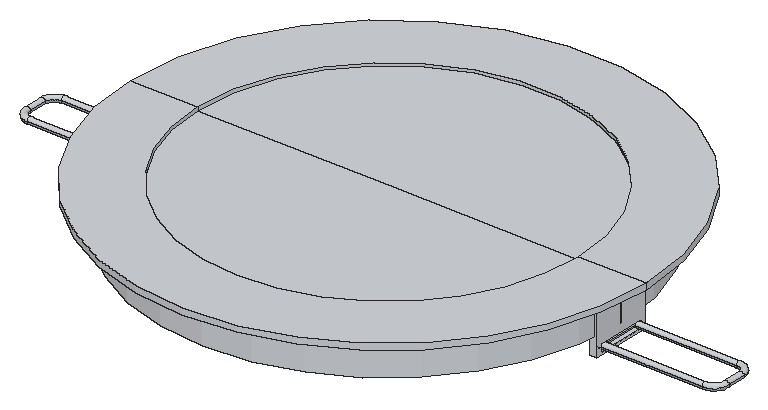
Revit family "0053989", category Lighting Fixtures, host Face, Revit 2017
Family settings
  Host = Face
  Round Connector Dimension = Use Diameter
  Part Type = Normal
  OmniClass Number = 23.80.70.00
  OmniClass Title = Lighting
  Cut with Voids When Loaded = No
  Light Source = Yes
  Shared = No
  Room Calculation Point = No
Parameters (values of type "0053989 SYLFLAT 105 IP44 600LM 840 DIM")
  Weight = "3.555 kg"
  Wattage Comments = ""
  Wattage = 7 W
  WarrantyStartDate [instance] = "n/a"
  WarrantyGuarantorParts = "n/a"
  WarrantyDurationUnit = "n/a"
  WarrantyDurationParts = "n/a"
  WarrantyDescription = "n/a"
  built-in parameter 1150110 = 1 (stored number, unit not read)
  Voltage = 0 V
  URL = "http://www.sylvania-lighting.com"
  TypeName = "Sylflat 105 IP44 600lm 840 DIM"
  Type Image = <None>
  Type Comments = "n/a"
  built-in parameter 1114217 = 1 (stored number, unit not read)
  Tilt Angle = -90.00°
  built-in parameter 1150109 = 1 (stored number, unit not read)
  built-in parameter 1150134 = 12
  built-in parameter 1150113 = 1 (stored number, unit not read)
  SerialNumber [instance] = "n/a"
  SIZE_203_SYL = 0
  SIZE_155_SYL = 1
  R_DIFF_SYL = if(SIZE_155_SYL = 1, 63.5 mm, if(SIZE_203_SYL = 1, 86.5 mm, 40 mm))  # 63.5 mm
  R2_SYL = if(SIZE_155_SYL = 1, 77.5 mm, if(SIZE_203_SYL = 1, 101.5 mm, 52.5 mm))  # 77.5 mm
  R1_SYL = if(SIZE_155_SYL = 1, 86 mm, if(SIZE_203_SYL = 1, 113 mm, 60 mm))  # 86 mm
  Photometric Web File = "0053989.ies"
  LUM_HEIGHT_SYL = 15 mm - CHAMF_SYL  # 14 mm
  CLIP_SYL = 10 mm
  CLIP_HOLE_SYL = 2.5 mm
  CLIP_HOLE_HE_SYL = 8.5 mm
  CLIP_D_SYL = R2_SYL - 2.5 mm  # 75 mm
  CLIP_DIST_SYL = R2_SYL - 2.5 mm  # 75 mm
  CLIP_CUTOUT_SYL = 19 mm
  CHAMF_SYL = 1 mm
  Material_3_SYL = none
  PowerFactor = 0
  PowerConsumption = "7 W"
  NominalLength = 0 mm
  NominalHeight = 0 mm
  NominalDepth = 0 mm
  Name = "Sylflat 105 IP44 600lm 840 DIM"
  ModelReference = Name  # "Sylflat 105 IP44 600lm 840 DIM"
  ModelNumber = "0053989"
  Model = Name  # "Sylflat 105 IP44 600lm 840 DIM"
  Material = "n/a"
  ManufacturerName = "Feilo Sylvania"
  Manufacturer = "Feilo Sylvania"
  LuminousEfficacy = "85.71 lm/W"
  built-in parameter 1150105 = 47.746 (stored number, unit not read)
  Lumens = 600 lm
  LuminaireType = ""
  built-in parameter 1150115 = 1 (stored number, unit not read)
  LightOutputRatio = "n/a"
  built-in parameter 1150137 = (empty or 0)
  built-in parameter 1150139 = (empty or 0)
  LampsType = Lamp  # "LED"
  LampNominalLuminous = "600 lm"
  LampMacAdamStep = "3"
  LampColourTemperature = "4000 K"
  LampColourRenderingIndex = "80"
  built-in parameter 1150112 = 1 (stored number, unit not read)
  built-in parameter 1150114 = 1 (stored number, unit not read)
  Lamp = "LED"
  Keynote = "16500"
  InstallationDate [instance] = "n/a"
  InputVoltage = "n/a"
  InputNominalFrequency = "n/a"
  built-in parameter 1150132 = (empty or 0)
  built-in parameter 1150102 = (empty or 0)
  built-in parameter 1150107 = 4000 (stored number, unit not read)
  built-in parameter 1150138 = (empty or 0)
  IngressProtection = "IP44/20"
  ImpactProtectionIndex = "IK06"
  built-in parameter 1150106 = 0.47746 (stored number, unit not read)
  IfcExportType = "IfcLightFixtureType"
  IfcExportAs = "IfcLightFixtureType"
  Emit from Circle Diameter = 609.6 mm
  Emit Shape Visible in Rendering = no
  ElectricShockClassification = "Class II"
  built-in parameter 1150104 = 7.9631 (stored number, unit not read)
  DocumentationLiterature = "http://www.sylvania-lighting.com/product/en-int/products/0053989"
  DimmingControlOptions = "n/a"
  Material_2_SYL = none
  Dimming Lamp Color Temperature Shift = <None>
  Description = "Sylflat DIM is an integrated LED recessed downlight with separated phase dimmable driver; 7W; 600Lm; 86Lm/W; 4000K; IP44 rated from the front; 50,000hrs (L70B50)."
  Default Elevation = 1219.2 mm
  CreatedOn = "8/6/2020"
  CreatedBy = "@sylvania-lighting.com"
  Cost = 0
  Color Filter = 16777215
  built-in parameter 1114216 [instance] = (empty or 0)
  ClassificationValue = "EF_70_80"
  ClassificationName = "Uniclass2015"
  Material_1_SYL = none
  CHAMF_2_SYL = 1 mm
  BarCode [instance] = "n/a"
  built-in parameter 1114218 = 1 (stored number, unit not read)
  built-in parameter 1150133 = 10 (stored number, unit not read)
  AssetType = "Fixed"
  AssetIdentifier [instance] = "n/a"
  Assembly Code = "D5020200"
  Apparent Load = 7 VA
  Material_4_SYL = none
Types (17, lengths in mm): name | Weight | Wattage | TypeName | built-in parameter 1150134 | SIZE_203_SYL | SIZE_155_SYL | R_DIFF_SYL | R2_SYL | R1_SYL | Photometric Web File | CLIP_D_SYL | CLIP_DIST_SYL | PowerFactor | PowerConsumption | NominalLength | NominalHeight | NominalDepth | Name | ModelReference | ModelNumber | Model | Material | LuminousEfficacy | built-in parameter 1150105 | Lumens | LampNominalLuminous | LampMacAdamStep | LampColourTemperature | built-in parameter 1150107 | built-in parameter 1150106 | built-in parameter 1150104 | DocumentationLiterature | Description | Apparent Load
  0053988 SYLFLAT 105 IP44 550LM 830 DIM | "3.555 kg" | 7 W | "Sylflat 105 IP44 550lm 830 DIM" | (empty or 0) | 0 | 1 | 63.5 | 77.5 | 86 | "0053988.ies" | 75 | 75 | 0 | "7 W" | 0 | 0 | 0 | "Sylflat 105 IP44 550lm 830 DIM" | "Sylflat 105 IP44 550lm 830 DIM" | "53988" | "Sylflat 105 IP44 550lm 830 DIM" | "n/a" | "78.57 lm/W" | 43.768 (stored number, unit not read) | 550 lm | "550 lm" | "3" | "3000 K" | 3000 (stored number, unit not read) | 0.43768 (stored number, unit not read) | 7.2995 (stored number, unit not read) | "http://www.sylvania-lighting.com/product/en-int/products/0053988" | "Sylflat DIM is an integrated LED recessed downlight with separated phase dimmable driver; 7W; 550Lm; 79Lm/W; 3000K; IP44 rated from the front; 50,000hrs (L70B50)." | 7 VA
  0053957 SYLFLAT 205 IP44 2250LM 840 DIM | "4.57 kg" | 24 W | "Sylflat 205 IP44 2250lm 840 DIM" | 12 | 1 | 0 | 86.5 | 101.5 | 113 | "0053957.ies" | 99 | 99 | 0.9 | "24 W" | 226 | 21 | 226 | "Sylflat 205 IP44 2250lm 840 DIM" | "Sylflat 205 IP44 2250lm 840 DIM" | "53957" | "Sylflat 205 IP44 2250lm 840 DIM" | "n/a" | "103 lm/W" | 196.72 (stored number, unit not read) | 2472 lm | "2250 lm" | "3" | "4000 K" | 4000 (stored number, unit not read) | 1.9672 (stored number, unit not read) | 9.569 (stored number, unit not read) | "http://www.sylvania-lighting.com/product/en-int/products/0053957" | "Sylflat DIM is an integrated LED recessed downlight with separated phase dimmable driver; 24W; 2250Lm; 103Lm/W; 4000K; IP44 rated from the front; 50,000hrs (L70B50)." | 24 VA
  0053956 SYLFLAT 205 IP44 2200LM 830 DIM | "4.57 kg" | 24 W | "Sylflat 205 IP44 2200lm 830 DIM" | (empty or 0) | 1 | 0 | 86.5 | 101.5 | 113 | "0053956.ies" | 99 | 99 | 0.9 | "24 W" | 226 | 21 | 226 | "Sylflat 205 IP44 2200lm 830 DIM" | "Sylflat 205 IP44 2200lm 830 DIM" | "53956" | "Sylflat 205 IP44 2200lm 830 DIM" | "n/a" | "100 lm/W" | 190.99 (stored number, unit not read) | 2400 lm | "2200 lm" | "3" | "3000 K" | 3000 (stored number, unit not read) | 1.9099 (stored number, unit not read) | 9.2903 (stored number, unit not read) | "http://www.sylvania-lighting.com/product/en-int/products/0053956" | "Sylflat DIM is an integrated LED recessed downlight with separated phase dimmable driver; 24W; 2200Lm; 100Lm/W; 3000K; IP44 rated from the front; 50,000hrs (L70B50)." | 24 VA
  0053955 SYLFLAT 205 IP44 1750LM 840 DIM | "4.57 kg" | 17 W | "Sylflat 205 IP44 1750lm 840 DIM" | 12 | 1 | 0 | 86.5 | 101.5 | 113 | "0053955.ies" | 99 | 99 | 0.9 | "17 W" | 226 | 21 | 226 | "Sylflat 205 IP44 1750lm 840 DIM" | "Sylflat 205 IP44 1750lm 840 DIM" | "53955" | "Sylflat 205 IP44 1750lm 840 DIM" | "aluminium housing, other diffuser" | "103 lm/W" | 139.34 (stored number, unit not read) | 1751 lm | "1750 lm" | "3" | "4000 K" | 4000 (stored number, unit not read) | 1.3934 (stored number, unit not read) | 9.569 (stored number, unit not read) | "http://www.sylvania-lighting.com/product/en-int/products/0053955" | "Sylflat DIM is an integrated LED recessed downlight with separated phase dimmable driver; 17W; 1750Lm; 103Lm/W; 4000K; IP44 rated from the front; 50,000hrs (L70B50)." | 17 VA
  0053954 SYLFLAT 205 IP44 1550LM 830 DIM | "4.57 kg" | 17 W | "Sylflat 205 IP44 1550lm 830 DIM" | (empty or 0) | 1 | 0 | 86.5 | 101.5 | 113 | "0053954.ies" | 99 | 99 | 0.9 | "17 W" | 226 | 21 | 226 | "Sylflat 205 IP44 1550lm 830 DIM" | "Sylflat 205 IP44 1550lm 830 DIM" | "53954" | "Sylflat 205 IP44 1550lm 830 DIM" | "aluminium housing, other diffuser" | "91 lm/W" | 123.11 (stored number, unit not read) | 1547 lm | "1550 lm" | "3" | "3000 K" | 3000 (stored number, unit not read) | 1.2311 (stored number, unit not read) | 8.4542 (stored number, unit not read) | "http://www.sylvania-lighting.com/product/en-int/products/0053954" | "Sylflat DIM is an integrated LED recessed downlight with separated phase dimmable driver; 17W; 1550Lm; 91Lm/W; 3000K; IP44 rated from the front; 50,000hrs (L70B50)." | 17 VA
  0053953 SYLFLAT 155 IP44 1100LM 840 DIM | "3.27 kg" | 12 W | "Sylflat 155 IP44 1100lm 840 DIM" | 12 | 0 | 1 | 63.5 | 77.5 | 86 | "0053953.ies" | 75 | 75 | 0.9 | "12 W" | 172 | 21 | 172 | "Sylflat 155 IP44 1100lm 840 DIM" | "Sylflat 155 IP44 1100lm 840 DIM" | "53953" | "Sylflat 155 IP44 1100lm 840 DIM" | "aluminium housing, other diffuser" | "92 lm/W" | 87.854 (stored number, unit not read) | 1104 lm | "1100 lm" | "3" | "4000 K" | 4000 (stored number, unit not read) | 0.87854 (stored number, unit not read) | 8.5471 (stored number, unit not read) | "http://www.sylvania-lighting.com/product/en-int/products/0053953" | "Sylflat DIM is an integrated LED recessed downlight with separated phase dimmable driver; 12W; 1100Lm; 92Lm/W; 4000K; IP44 rated from the front; 50,000hrs (L70B50)." | 12 VA
  0053952 SYLFLAT 155 IP44 1000LM 830 DIM | "3.27 kg" | 12 W | "Sylflat 155 IP44 1000lm 830 DIM" | (empty or 0) | 0 | 1 | 63.5 | 77.5 | 86 | "0053952.ies" | 75 | 75 | 0.9 | "12 W" | 172 | 21 | 172 | "Sylflat 155 IP44 1000lm 830 DIM" | "Sylflat 155 IP44 1000lm 830 DIM" | "53952" | "Sylflat 155 IP44 1000lm 830 DIM" | "aluminium housing, other diffuser" | "83 lm/W" | 79.259 (stored number, unit not read) | 996 lm | "1000 lm" | "3" | "3000 K" | 3000 (stored number, unit not read) | 0.79259 (stored number, unit not read) | 7.711 (stored number, unit not read) | "http://www.sylvania-lighting.com/product/en-int/products/0053952" | "Sylflat DIM is an integrated LED recessed downlight with separated phase dimmable driver; 12W; 1000Lm; 83Lm/W; 3000K; IP44 rated from the front; 50,000hrs (L70B50)." | 12 VA
  0053951 ST E DOWNLIGHT FLT 205 IP44 2200 865 DIM | "4.57 kg" | 24 W | "START eco Downlight Flat 205 IP44 2200lm 865 DIM" | 1 | 1 | 0 | 86.5 | 101.5 | 113 | "0053951.ies" | 99 | 99 | 0.9 | "24 W" | 226 | 21 | 226 | "START eco Downlight Flat 205 IP44 2200lm 865 DIM" | "START eco Downlight Flat 205 IP44 2200lm 865 DIM" | "53951" | "START eco Downlight Flat 205 IP44 2200lm 865 DIM" | "n/a" | "92 lm/W" | 175.71 (stored number, unit not read) | 2208 lm | "2200 lm" | "5" | "6500 K" | 6500 (stored number, unit not read) | 1.7571 (stored number, unit not read) | 8.5471 (stored number, unit not read) | "http://www.sylvania-lighting.com/product/en-int/products/0053951" | "START eco Downlight Flat IP44 DIM is an integrated LED recessed downlight with separated phase dimmable driver; 24W; 2200Lm; 92Lm/W; 6500K; IP44 rated from the front; 30,000hrs (L70B50)." | 24 VA
  0053950 ST E DOWNLIGHT FLT 205 IP44 1700 865 DIM | "4.57 kg" | 17 W | "START eco Downlight Flat 205 IP44 1700lm 865 DIM" | 1 | 1 | 0 | 86.5 | 101.5 | 113 | "0053950.ies" | 99 | 99 | 0.9 | "17 W" | 226 | 21 | 226 | "START eco Downlight Flat 205 IP44 1700lm 865 DIM" | "START eco Downlight Flat 205 IP44 1700lm 865 DIM" | "53950" | "START eco Downlight Flat 205 IP44 1700lm 865 DIM" | "aluminium housing, other diffuser" | "100 lm/W" | 135.28 (stored number, unit not read) | 1700 lm | "1700 lm" | "5" | "6500 K" | 6500 (stored number, unit not read) | 1.3528 (stored number, unit not read) | 9.2903 (stored number, unit not read) | "http://www.sylvania-lighting.com/product/en-int/products/0053950" | "START eco Downlight Flat IP44 DIM is an integrated LED recessed downlight with separated phase dimmable driver; 17W; 1700Lm; 100Lm/W; 6500K; IP44 rated from the front; 30,000hrs (L70B50)." | 17 VA
  0053949 ST E DOWNLIGHT FLT 155 IP44 1100 865 DIM | "3.27 kg" | 12 W | "START eco Downlight Flat 155 IP44 1100lm 865 DIM" | 1 | 0 | 1 | 63.5 | 77.5 | 86 | "0053949.ies" | 75 | 75 | 0.9 | "12 W" | 172 | 21 | 172 | "START eco Downlight Flat 155 IP44 1100lm 865 DIM" | "START eco Downlight Flat 155 IP44 1100lm 865 DIM" | "53949" | "START eco Downlight Flat 155 IP44 1100lm 865 DIM" | "aluminium housing, other diffuser" | "92 lm/W" | 87.854 (stored number, unit not read) | 1104 lm | "1100 lm" | "5" | "6500 K" | 6500 (stored number, unit not read) | 0.87854 (stored number, unit not read) | 8.5471 (stored number, unit not read) | "http://www.sylvania-lighting.com/product/en-int/products/0053949" | "START eco Downlight Flat IP44 DIM is an integrated LED recessed downlight with separated phase dimmable driver; 12W; 1100Lm; 92Lm/W; 6500K; IP44 rated from the front; 30,000hrs (L70B50)." | 12 VA
  0053944 ST E DOWNLIGHT FLT 205 IP44 2250 840 DIM | "4.57 kg" | 24 W | "START eco Downlight Flat 205 IP44 2250lm 840 DIM" | 12 | 1 | 0 | 86.5 | 101.5 | 113 | "0053944.ies" | 99 | 99 | 0.9 | "24 W" | 226 | 21 | 226 | "START eco Downlight Flat 205 IP44 2250lm 840 DIM" | "START eco Downlight Flat 205 IP44 2250lm 840 DIM" | "53944" | "START eco Downlight Flat 205 IP44 2250lm 840 DIM" | "n/a" | "94 lm/W" | 179.53 (stored number, unit not read) | 2256 lm | "2250 lm" | "5" | "4000 K" | 4000 (stored number, unit not read) | 1.7953 (stored number, unit not read) | 8.7329 (stored number, unit not read) | "http://www.sylvania-lighting.com/product/en-int/products/0053944" | "START eco Downlight Flat IP44 DIM is an integrated LED recessed downlight with separated phase dimmable driver; 24W; 2250Lm; 94Lm/W; 4000K; IP44 rated from the front; 30,000hrs (L70B50)." | 24 VA
  0053942 ST E DOWNLIGHT FLT 205 IP44 1750 840 DIM | "4.57 kg" | 17 W | "START eco Downlight Flat 205 IP44 1750lm 840 DIM" | 12 | 1 | 0 | 86.5 | 101.5 | 113 | "0053942.ies" | 99 | 99 | 0.9 | "17 W" | 226 | 21 | 226 | "START eco Downlight Flat 205 IP44 1750lm 840 DIM" | "START eco Downlight Flat 205 IP44 1750lm 840 DIM" | "53942" | "START eco Downlight Flat 205 IP44 1750lm 840 DIM" | "aluminium housing, other diffuser" | "103 lm/W" | 139.34 (stored number, unit not read) | 1751 lm | "1750 lm" | "5" | "4000 K" | 4000 (stored number, unit not read) | 1.3934 (stored number, unit not read) | 9.569 (stored number, unit not read) | "http://www.sylvania-lighting.com/product/en-int/products/0053942" | "START eco Downlight Flat IP44 DIM is an integrated LED recessed downlight with separated phase dimmable driver; 17W; 1750Lm; 103Lm/W; 4000K; IP44 rated from the front; 30,000hrs (L70B50)." | 17 VA
  0053941 ST E DOWNLIGHT FLT 155 IP44 1100 840 DIM | "3.27 kg" | 12 W | "START eco Downlight Flat 155 IP44 1100lm 840 DIM" | 12 | 0 | 1 | 63.5 | 77.5 | 86 | "0053941.ies" | 75 | 75 | 0.9 | "12 W" | 172 | 21 | 172 | "START eco Downlight Flat 155 IP44 1100lm 840 DIM" | "START eco Downlight Flat 155 IP44 1100lm 840 DIM" | "53941" | "START eco Downlight Flat 155 IP44 1100lm 840 DIM" | "aluminium housing, other diffuser" | "92 lm/W" | 87.854 (stored number, unit not read) | 1104 lm | "1100 lm" | "5" | "4000 K" | 4000 (stored number, unit not read) | 0.87854 (stored number, unit not read) | 8.5471 (stored number, unit not read) | "http://www.sylvania-lighting.com/product/en-int/products/0053941" | "START eco Downlight Flat IP44 DIM is an integrated LED recessed downlight with separated phase dimmable driver; 12W; 1100Lm; 92Lm/W; 4000K; IP44 rated from the front; 30,000hrs (L70B50)." | 12 VA
  0053940 ST E DOWNLIGHT FLT 205 IP44 2200 830 DIM | "4.57 kg" | 24 W | "START eco Downlight Flat 205 IP44 2200lm 830 DIM" | (empty or 0) | 1 | 0 | 86.5 | 101.5 | 113 | "0053940.ies" | 99 | 99 | 0.9 | "24 W" | 226 | 21 | 226 | "START eco Downlight Flat 205 IP44 2200lm 830 DIM" | "START eco Downlight Flat 205 IP44 2200lm 830 DIM" | "53940" | "START eco Downlight Flat 205 IP44 2200lm 830 DIM" | "n/a" | "92 lm/W" | 175.71 (stored number, unit not read) | 2208 lm | "2200 lm" | "5" | "3000 K" | 3000 (stored number, unit not read) | 1.7571 (stored number, unit not read) | 8.5471 (stored number, unit not read) | "http://www.sylvania-lighting.com/product/en-int/products/0053940" | "START eco Downlight Flat IP44 DIM is an integrated LED recessed downlight with separated phase dimmable driver; 24W; 2200Lm; 92Lm/W; 3000K; IP44 rated from the front; 30,000hrs (L70B50)." | 24 VA
  0053938 ST E DOWNLIGHT FLT 205 IP44 1550 830 DIM | "4.57 kg" | 17 W | "START eco Downlight Flat 205 IP44 1550lm 830 DIM" | (empty or 0) | 1 | 0 | 86.5 | 101.5 | 113 | "0053938.ies" | 99 | 99 | 0.9 | "17 W" | 226 | 21 | 226 | "START eco Downlight Flat 205 IP44 1550lm 830 DIM" | "START eco Downlight Flat 205 IP44 1550lm 830 DIM" | "53938" | "START eco Downlight Flat 205 IP44 1550lm 830 DIM" | "aluminium housing, other diffuser" | "91 lm/W" | 123.11 (stored number, unit not read) | 1547 lm | "1550 lm" | "5" | "3000 K" | 3000 (stored number, unit not read) | 1.2311 (stored number, unit not read) | 8.4542 (stored number, unit not read) | "http://www.sylvania-lighting.com/product/en-int/products/0053938" | "START eco Downlight Flat IP44 DIM is an integrated LED recessed downlight with separated phase dimmable driver; 17W; 1550Lm; 91Lm/W; 3000K; IP44 rated from the front; 30,000hrs (L70B50)." | 17 VA
  0053937 ST E DOWNLIGHT FLT 155 IP44 1000 830 DIM | "3.27 kg" | 12 W | "START eco Downlight Flat 155 IP44 1000lm 830 DIM" | (empty or 0) | 0 | 1 | 63.5 | 77.5 | 86 | "0053937.ies" | 75 | 75 | 0.9 | "12 W" | 172 | 21 | 172 | "START eco Downlight Flat 155 IP44 1000lm 830 DIM" | "START eco Downlight Flat 155 IP44 1000lm 830 DIM" | "53937" | "START eco Downlight Flat 155 IP44 1000lm 830 DIM" | "aluminium housing, other diffuser" | "83 lm/W" | 79.259 (stored number, unit not read) | 996 lm | "1000 lm" | "5" | "3000 K" | 3000 (stored number, unit not read) | 0.79259 (stored number, unit not read) | 7.711 (stored number, unit not read) | "http://www.sylvania-lighting.com/product/en-int/products/0053937" | "START eco Downlight Flat IP44 DIM is an integrated LED recessed downlight with separated phase dimmable driver; 12W; 1000Lm; 83Lm/W; 3000K; IP44 rated from the front; 30,000hrs (L70B50)." | 12 VA
  0053989 SYLFLAT 105 IP44 600LM 840 DIM | "3.555 kg" | 7 W | "Sylflat 105 IP44 600lm 840 DIM" | 12 | 0 | 1 | 63.5 | 77.5 | 86 | "0053989.ies" | 75 | 75 | 0 | "7 W" | 0 | 0 | 0 | "Sylflat 105 IP44 600lm 840 DIM" | "Sylflat 105 IP44 600lm 840 DIM" | "0053989" | "Sylflat 105 IP44 600lm 840 DIM" | "n/a" | "85.71 lm/W" | 47.746 (stored number, unit not read) | 600 lm | "600 lm" | "3" | "4000 K" | 4000 (stored number, unit not read) | 0.47746 (stored number, unit not read) | 7.9631 (stored number, unit not read) | "http://www.sylvania-lighting.com/product/en-int/products/0053989" | "Sylflat DIM is an integrated LED recessed downlight with separated phase dimmable driver; 7W; 600Lm; 86Lm/W; 4000K; IP44 rated from the front; 50,000hrs (L70B50)." | 7 VA
Reference planes
  plane 1 "Center (Front/Back)": y = 0
  plane 2: z = 0
  plane 3 "Center (Left/Right)": x = 0
  plane 4: z = 1
  plane 5: z = -1
  plane 6: z = -14
  plane 7: x = 86
  plane 8: x = 63.5
  plane 9: x = 77.5
  plane 10: x = 0
  plane 11: x = -96
  plane 12: x = -77.5
  plane 13: y = 10
  plane 14: y = -10
  plane 15: x = 75
  plane 16: z = -19
  plane 17: z = -16.5
  plane 18: y = -8.5
  plane 19: y = 8.5
  plane 20: x = -75
Forms (mm)
  Revolve 1, solid
    sketch origin (0, 0, 0) x (1, 0, 0) y (0, 0, 1)
      loop
        line (0, 0) -> (0, -14) -> (77.5, -14) -> (77.5, -1) -> (86, -1) -> (86, 1) -> (63.5, 1) -> (63.5, 0) -> (0, 0)
      axis (0, 1) -> (0, -14)
    angle from 360 to 0
  Extrusion 2, solid
    sketch origin (0, 0, 0) x (1, 0, 0) y (0, 1, 0)
      loop
        line (75, 10) -> (75, -10) -> (77.5, -10) -> (77.5, 10) -> (75, 10)
      loop
        line (-75, 10) -> (-77.5, 10) -> (-77.5, -10) -> (-75, -10) -> (-75, 10)
    from -20 to -1
  Extrusion 3, void
    sketch origin (319, 1524, 1219.2) x (0, 1, 0) y (0, 0, 1)
      loop
        line (-1515.5, -1238.2) -> (-1515.5, -1235.7) -> (-1532.5, -1235.7) -> (-1532.5, -1238.2) -> (-1515.5, -1238.2)
    from -440.059 to 10
  Sweep 4, solid
    path origin (-31.995, -2.046, -2.165) x (1, 0, 0) y (0, 1, 0)
      loop
        arc (-82, 9.306) -> (-84.828, 8.135) -> (-86, 5.306) r 4
        line (-86, 5.306) -> (-86, -0.922)
        arc (-86, -0.922) -> (-84.828, -3.75) -> (-82, -4.922) r 4
        line (-82, -4.922) -> (-44, -4.922) -> (-44, 9.306) -> (-82, 9.306)
    profile origin (-94.995, 7.26, -2.165) x (0, 1, 0) y (0, 0, 1)
      loop
        circle (0, -15.572) r 0.967
  Sweep 5, solid
    path origin (31.995, -2.046, -2.165) x (-1, 0, 0) y (0, -1, 0)
      loop
        line (-79, -9.306) -> (-44, -9.306) -> (-44, 4.922) -> (-79, 4.922)
        arc (-79, 4.922) -> (-81.828, 3.75) -> (-83, 0.922) r 4
        line (-83, 0.922) -> (-83, -5.306)
        arc (-83, -5.306) -> (-81.828, -8.135) -> (-79, -9.306) r 4
    profile origin (93.495, 7.26, -2.165) x (0, -1, 0) y (0, 0, 1)
      loop
        circle (0, -15.572) r 0.967
Cuts and joins
  Extrusion 3 cuts Extrusion 2
Dimensions and locks
  "LUM_HEIGHT_SYL": host face to plane 6
  "CHAMF_2_SYL": host face to plane 5
  "CHAMF_SYL": plane 4 to host face
  "R_DIFF_SYL": plane 8 to plane 3 "Center (Left/Right)"
  "R2_SYL": plane 3 "Center (Left/Right)" to plane 9
  "R1_SYL": plane 7 to plane 3 "Center (Left/Right)"
  "CLIP_SYL": plane 14 to plane 1 "Center (Front/Back)" to plane 13
  "CLIP_D_SYL": plane 10 to plane 15
  "R2_SYL": plane 10 to plane 9
  "CLIP_CUTOUT_SYL": host face to plane 16
  "CLIP_HOLE_SYL": plane 17 to plane 16
  "CLIP_HOLE_HE_SYL": plane 19 to plane 1 "Center (Front/Back)" to plane 18
  "R2_SYL": plane 12 to plane 10
  "CLIP_D_SYL": plane 20 to plane 3 "Center (Left/Right)"
  aligned and locked: plane 2 to host face
  aligned and locked: level to host face
  aligned and locked: Revolve 1 sketch curve to plane 3 "Center (Left/Right)"
  aligned and locked: plane 13 to Extrusion 2 sketch curve
  aligned and locked: Extrusion 2 sketch curve to plane 15
  aligned and locked: Extrusion 2 sketch curve to plane 14
  aligned and locked: plane 9 to Extrusion 2 sketch curve
  aligned and locked: Extrusion 3 sketch curve to plane 16
  aligned and locked: plane 19 to Extrusion 3 sketch curve
  aligned and locked: Extrusion 3 sketch curve to plane 17
  aligned and locked: Extrusion 3 sketch curve to plane 18
  aligned and locked: Extrusion 2 sketch curve to plane 13
  aligned and locked: Extrusion 2 sketch curve to plane 20
  aligned and locked: plane 14 to Extrusion 2 sketch curve
  aligned and locked: plane 12 to Extrusion 2 sketch curve
Automatic sketch dimensions
  host sketch curve to host sketch curve = 2438.4 mm  (x2)
  Revolve 1 sketch curve to level = 0 mm
  Revolve 1 sketch curve to plane 3 "Center (Left/Right)" = 0 mm
  plane 8 to Revolve 1 sketch curve = 0 mm
  Revolve 1 sketch curve to plane 6 = 0 mm
  plane 9 to Revolve 1 sketch curve = 0 mm
  Revolve 1 sketch curve to plane 5 = 0 mm
  plane 7 to Revolve 1 sketch curve = 0 mm
  Revolve 1 sketch curve to plane 4 = 0 mm
  Revolve 1 sketch curve to plane 16 = 584.6 mm
  Revolve 1 sketch curve to plane 4 = 2608.058 mm
  plane 1 "Center (Front/Back)" to Sweep 4 sketch curve = 2.968 mm
  plane 12 to Sweep 4 sketch curve = 40.495 mm
  Sweep 4 sketch curve to plane 18 = 1.532 mm
  Sweep 4 sketch curve to Sweep 4 sketch curve = 4 mm
  plane 20 to Sweep 4 sketch curve = 0.995 mm
  Sweep 4 sketch curve to plane 1 "Center (Front/Back)" = 3.26 mm
  Sweep 4 sketch curve to profile plane = 0 mm
  Sweep 4 sketch curve to profile plane = 15.572 mm
  plane 1 "Center (Front/Back)" to Sweep 5 sketch curve = 2.968 mm
  Sweep 5 sketch curve to plane 7 = 28.995 mm
  Sweep 5 sketch curve to plane 18 = 1.532 mm
  Sweep 5 sketch curve to Sweep 5 sketch curve = 4 mm
  Sweep 5 sketch curve to plane 15 = 0.995 mm
  Sweep 5 sketch curve to plane 1 "Center (Front/Back)" = 3.26 mm
  Sweep 5 sketch curve to profile plane = 0 mm
  Sweep 5 sketch curve to profile plane = 15.572 mm
  radius of Sweep 4 sketch curve = 0.967 mm
  radius of Sweep 5 sketch curve = 0.967 mm
